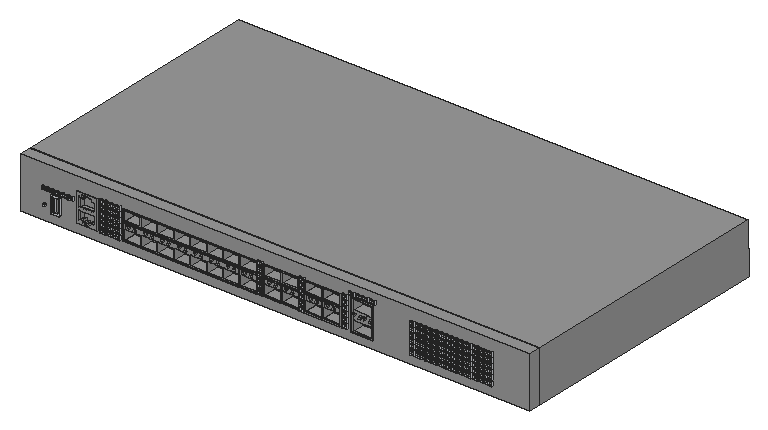
Revit family "19 Inch Switch MS400995M", category Datengeräte, Revit 2023
Family settings
  Bemaßung runder Anschluss = Durchmesser verwenden
  Teiletyp = Normal
  OmniClass-Nummer = 23.85.50.17
  OmniClass-Titel = Communication and Data Processing Equipment
  Arbeitsebenenbasiert = Nein
  Immer vertikal = Ja
  Beim Laden mit Abzugskörper schneiden = Nein
  Beschriftungsausrichtung beibehalten = Nein
  Gemeinsam genutzt = Nein
  Raumberechnungspunkt = Nein
Parameters (values of type "19 Inch Switch MS400995M")
  Vorgabe-Ansicht = 0 mm
  Material 2 = Stahl, lackierte Oberfläche, dunkelgrau, matt
  Material = Edelstahl AISI 304
  Type = "managed switch L3"
  Interface 3 = "4x 10G/25GBase-X SFP28-Slots"
  Voltage Input = "100~240VAC (C14)"
  Hersteller = "MICROSENS"
  Beschreibung = "26-Port 40G Multi 1/10G Fiber L3 Switch 19\""
  Artikelnummer = "MS400995M"
  INterface 4 = "Console port (RJ-45)"
  Interface 2 = "20x 1/10G SFP+ Slots"
  Interface 1 = "2x 40G QSFP+ Slots"
Reference planes
  plane 1 "Mitte (Vorne/Hinten)": y = 232.367
  plane 2: z = 0
  plane 3 "Mitte (Links/Rechts)": x = 6.748
Forms (mm)
  Extrusion 1, solid, material "Stahl, lackierte Oberfläche, dunkelgrau, matt" <- "Material 2"
    sketch origin (-0.016, 368.942, 1.503) x (1, 0, 0) y (0, 0, 1)
      loop
        line (-213.236, 42.498) -> (-213.236, -1.502) -> (226.813, -1.502) -> (226.813, 42.498) -> (-213.236, 42.498)
    from 235.89 to 246.705
  Extrusion 2, solid
    sketch origin (79.576, 273.077, 134.166) x (0, 0, 1) y (-1, 0, 0)
      loop
        line (-126.471, 264.855) -> (-126.471, 259.255)
        arc (-126.471, 259.255) -> (-126.178, 258.548) -> (-125.471, 258.255) r 1
        line (-125.471, 258.255) -> (-112.371, 258.255)
        arc (-112.371, 258.255) -> (-111.663, 258.548) -> (-111.371, 259.255) r 1
        line (-111.371, 259.255) -> (-111.371, 264.855)
        arc (-111.371, 264.855) -> (-111.663, 265.562) -> (-112.371, 265.855) r 1
        line (-112.371, 265.855) -> (-125.471, 265.855)
        arc (-125.471, 265.855) -> (-126.178, 265.562) -> (-126.471, 264.855) r 1
      loop
        line (-125.071, 264.605) -> (-125.071, 259.105) -> (-112.671, 259.105) -> (-112.671, 264.605) -> (-125.071, 264.605)
    from 150.84 to 151.64
  Extrusion 3, solid
    sketch origin (79.576, 273.077, 134.166) x (0, 0, 1) y (-1, 0, 0)
      loop
        line (-124.365, 262.053) -> (-113.348, 262.053) -> (-113.348, 263.837) -> (-124.365, 263.837) -> (-124.365, 262.053)
      loop
        line (-124.121, 263.355) -> (-124.121, 262.305) -> (-113.621, 262.305) -> (-113.621, 263.355) -> (-124.121, 263.355)
    from 150.84 to 151.64
  Extrusion 4, solid
    sketch origin (-21.172, 273.077, -249.866) x (1, 0, 0) y (0, 0, 1)
      loop
        circle (-171.13, 262.402) r 1
    from 150.84 to 151.64
  Extrusion 5, void
    sketch origin (79.576, 273.077, 134.01) x (0, 0, 1) y (-1, 0, 0)
      loop
        line (-125.071, 262.055) -> (-125.071, 259.105) -> (-112.671, 259.105) -> (-112.671, 262.055) -> (-125.071, 262.055)
    from 147.46 to 160.434
  Extrusion 6, solid, material "Stahl, 43-245"
    sketch origin (-2.408, 273.077, 44.001) x (0, -1, 0) y (1, 0, 0)
      loop
        line (140.025, -210.844) -> (140.025, 229.205) -> (-85.512, 229.205) -> (-85.512, -210.844) -> (140.025, -210.844)
    from -44 to 0
  Extrusion 7, solid, material "Edelstahl AISI 304"
    sketch origin (-69.923, 273.077, -238.834) x (1, 0, 0) y (0, 0, 1)
      loop
        line (-93.447, 247.265) -> (-76.371, 247.265) -> (-76.371, 272.055) -> (-93.447, 272.055) -> (-93.447, 247.265)
      loop
        line (-77.991, 258.354) -> (-91.961, 258.331) -> (-91.948, 250.457) -> (-89.103, 250.462) -> (-89.1, 248.684) -> (-86.865, 248.687) -> (-86.863, 247.798) -> (-83.053, 247.805) -> (-83.055, 248.694) -> (-80.642, 248.698) -> (-80.645, 250.476) -> (-77.978, 250.48) -> (-77.991, 258.354)
      loop
        line (-92.032, 260.695) -> (-78.062, 260.695) -> (-78.062, 268.569) -> (-80.729, 268.569) -> (-80.729, 270.347) -> (-83.142, 270.347) -> (-83.142, 271.236) -> (-86.952, 271.236) -> (-86.952, 270.347) -> (-89.365, 270.347) -> (-89.365, 268.569) -> (-92.032, 268.569) -> (-92.032, 260.695)
    from 150.84 to 151.64
  Extrusion 8, solid, material "Edelstahl AISI 304"
    sketch origin (-150.813, 273.077, -234.569) x (1, 0, 0) y (0, 0, 1)
      loop
        line (198.964, 268.012) -> (198.964, 257.612) -> (214.464, 257.612) -> (214.464, 268.012) -> (198.964, 268.012)
      loop
        line (199.41, 267.584) -> (199.41, 257.912) -> (214.027, 257.912) -> (214.027, 267.584) -> (199.41, 267.584)
    from 140.025 to 151.64
  Extrusion 9, void
    sketch origin (156.645, 273.077, -237.22) x (1, 0, 0) y (0, 0, 1)
      loop
        line (-107.793, 261.07) -> (-93.696, 261.07) -> (-93.696, 269.986) -> (-107.793, 269.986) -> (-107.793, 261.07)
    from 140.025 to 160.434
  Extrusion 10, solid, material "Edelstahl AISI 304"
    sketch origin (-166.253, 273.077, -234.569) x (1, 0, 0) y (0, 0, 1)
      loop
        line (198.964, 268.012) -> (198.964, 257.612) -> (214.464, 257.612) -> (214.464, 268.012) -> (198.964, 268.012)
      loop
        line (199.41, 267.584) -> (199.41, 257.912) -> (214.027, 257.912) -> (214.027, 267.584) -> (199.41, 267.584)
    from 140.025 to 151.64
  Extrusion 11, void
    sketch origin (141.205, 273.077, -237.22) x (1, 0, 0) y (0, 0, 1)
      loop
        line (-107.793, 261.07) -> (-93.696, 261.07) -> (-93.696, 269.986) -> (-107.793, 269.986) -> (-107.793, 261.07)
    from 140.025 to 160.434
  Extrusion 12, solid, material "Edelstahl AISI 304"
    sketch origin (-150.709, 273.077, -249.399) x (1, 0, 0) y (0, 0, 1)
      loop
        line (198.964, 272.442) -> (198.964, 257.612) -> (214.464, 257.612) -> (214.464, 272.442) -> (198.964, 272.442)
      loop
        line (199.41, 271.983) -> (199.41, 257.912) -> (214.027, 257.912) -> (214.027, 271.983) -> (199.41, 271.983)
      loop
        line (207.305, 267.926) -> (209.516, 267.926) -> (208.382, 271.042) -> (207.305, 267.926)
      loop
        line (204.516, 271.042) -> (202.305, 271.042) -> (203.439, 267.926) -> (204.516, 271.042)
      loop
        line (192.744, 267.926) -> (194.955, 267.926) -> (193.821, 271.042) -> (192.744, 267.926)
      loop
        line (189.955, 271.042) -> (187.744, 271.042) -> (188.878, 267.926) -> (189.955, 271.042)
      loop
        line (106.929, 267.926) -> (109.141, 267.926) -> (108.006, 271.042) -> (106.929, 267.926)
      loop
        line (104.141, 271.042) -> (101.929, 271.042) -> (103.063, 267.926) -> (104.141, 271.042)
      loop
        line (92.744, 267.926) -> (94.955, 267.926) -> (93.821, 271.042) -> (92.744, 267.926)
      loop
        line (89.955, 271.042) -> (87.744, 271.042) -> (88.878, 267.926) -> (89.955, 271.042)
      loop
        line (78.978, 267.926) -> (81.19, 267.926) -> (80.056, 271.042) -> (78.978, 267.926)
      loop
        line (76.19, 271.042) -> (73.978, 271.042) -> (75.113, 267.926) -> (76.19, 271.042)
      loop
        line (64.627, 267.926) -> (66.839, 267.926) -> (65.705, 271.042) -> (64.627, 267.926)
      loop
        line (61.839, 271.042) -> (59.627, 271.042) -> (60.762, 267.926) -> (61.839, 271.042)
      loop
        line (50.014, 267.926) -> (52.225, 267.926) -> (51.091, 271.042) -> (50.014, 267.926)
      loop
        line (47.225, 271.042) -> (45.014, 271.042) -> (46.148, 267.926) -> (47.225, 271.042)
      loop
        line (35.362, 267.926) -> (37.574, 267.926) -> (36.439, 271.042) -> (35.362, 267.926)
      loop
        line (32.574, 271.042) -> (30.362, 271.042) -> (31.496, 267.926) -> (32.574, 271.042)
    from 140.025 to 151.64
  Extrusion 13, void
    sketch origin (156.749, 273.077, -252.05) x (1, 0, 0) y (0, 0, 1)
      loop
        line (-107.793, 261.07) -> (-93.696, 261.07) -> (-93.696, 269.986) -> (-107.793, 269.986) -> (-107.793, 261.07)
    from 140.025 to 160.434
  Extrusion 14, solid, material "Edelstahl AISI 304"
    sketch origin (-166.193, 273.077, -249.399) x (1, 0, 0) y (0, 0, 1)
      loop
        line (198.964, 272.442) -> (198.964, 257.612) -> (214.464, 257.612) -> (214.464, 272.442) -> (198.964, 272.442)
      loop
        line (199.41, 272.007) -> (199.41, 257.912) -> (214.027, 257.912) -> (214.027, 272.007) -> (199.41, 272.007)
    from 140.025 to 151.64
  Extrusion 15, void
    sketch origin (141.264, 273.077, -252.05) x (1, 0, 0) y (0, 0, 1)
      loop
        line (-107.793, 261.07) -> (-93.696, 261.07) -> (-93.696, 269.986) -> (-107.793, 269.986) -> (-107.793, 261.07)
    from 140.025 to 160.434
  Extrusion 16, void
    sketch origin (-53.981, 273.077, -239.208) x (1, 0, 0) y (0, 0, 1)
      loop
        line (-106.701, 261.203) -> (-94.788, 261.203) -> (-94.788, 268.036) -> (-96.693, 268.036) -> (-96.693, 269.738) -> (-99.221, 269.738) -> (-99.221, 270.576) -> (-102.269, 270.576) -> (-102.269, 269.738) -> (-104.787, 269.738) -> (-104.787, 268.036) -> (-106.701, 268.036) -> (-106.701, 261.203)
    from 147.46 to 160.434
  Extrusion 17, void
    sketch origin (-255.47, 273.077, 280.687) x (-1, 0, 0) y (0, 0, -1)
      loop
        line (-106.701, 261.203) -> (-94.788, 261.203) -> (-94.788, 268.036) -> (-96.693, 268.036) -> (-96.693, 269.738) -> (-99.221, 269.738) -> (-99.221, 270.576) -> (-102.269, 270.576) -> (-102.269, 269.738) -> (-104.787, 269.738) -> (-104.787, 268.036) -> (-106.701, 268.036) -> (-106.701, 261.203)
    from 147.46 to 160.434
  Extrusion 18, solid, material "Edelstahl AISI 304"
    sketch origin (-186.477, 273.077, -234.569) x (1, 0, 0) y (0, 0, 1)
      loop
        line (198.964, 268.012) -> (198.964, 257.612) -> (214.464, 257.612) -> (214.464, 268.012) -> (198.964, 268.012)
      loop
        line (199.41, 267.584) -> (199.41, 257.912) -> (214.027, 257.912) -> (214.027, 267.584) -> (199.41, 267.584)
    from 140.025 to 151.64
  Extrusion 19, void
    sketch origin (120.98, 273.077, -237.22) x (1, 0, 0) y (0, 0, 1)
      loop
        line (-107.793, 261.07) -> (-93.696, 261.07) -> (-93.696, 269.986) -> (-107.793, 269.986) -> (-107.793, 261.07)
    from 140.025 to 160.434
  Extrusion 20, solid, material "Edelstahl AISI 304"
    sketch origin (-201.917, 273.077, -234.569) x (1, 0, 0) y (0, 0, 1)
      loop
        line (198.964, 268.012) -> (198.964, 257.612) -> (214.464, 257.612) -> (214.464, 268.012) -> (198.964, 268.012)
      loop
        line (199.41, 267.584) -> (199.41, 257.912) -> (214.027, 257.912) -> (214.027, 267.584) -> (199.41, 267.584)
    from 140.025 to 151.64
  Extrusion 21, void
    sketch origin (105.54, 273.077, -237.22) x (1, 0, 0) y (0, 0, 1)
      loop
        line (-107.793, 261.07) -> (-93.696, 261.07) -> (-93.696, 269.986) -> (-107.793, 269.986) -> (-107.793, 261.07)
    from 140.025 to 160.434
  Extrusion 22, solid, material "Edelstahl AISI 304"
    sketch origin (-186.373, 273.077, -249.399) x (1, 0, 0) y (0, 0, 1)
      loop
        line (198.964, 272.442) -> (198.964, 257.612) -> (214.464, 257.612) -> (214.464, 272.442) -> (198.964, 272.442)
      loop
        line (199.41, 271.983) -> (199.41, 257.912) -> (214.027, 257.912) -> (214.027, 271.983) -> (199.41, 271.983)
      loop
        line (207.305, 267.926) -> (209.516, 267.926) -> (208.382, 271.042) -> (207.305, 267.926)
      loop
        line (204.516, 271.042) -> (202.305, 271.042) -> (203.439, 267.926) -> (204.516, 271.042)
      loop
        line (192.744, 267.926) -> (194.955, 267.926) -> (193.821, 271.042) -> (192.744, 267.926)
      loop
        line (189.955, 271.042) -> (187.744, 271.042) -> (188.878, 267.926) -> (189.955, 271.042)
    from 140.025 to 151.64
  Extrusion 23, void
    sketch origin (121.084, 273.077, -252.05) x (1, 0, 0) y (0, 0, 1)
      loop
        line (-107.793, 261.07) -> (-93.696, 261.07) -> (-93.696, 269.986) -> (-107.793, 269.986) -> (-107.793, 261.07)
    from 140.025 to 160.434
  Extrusion 24, solid, material "Edelstahl AISI 304"
    sketch origin (-201.858, 273.077, -249.399) x (1, 0, 0) y (0, 0, 1)
      loop
        line (198.964, 272.442) -> (198.964, 257.612) -> (214.464, 257.612) -> (214.464, 272.442) -> (198.964, 272.442)
      loop
        line (199.41, 272.007) -> (199.41, 257.912) -> (214.027, 257.912) -> (214.027, 272.007) -> (199.41, 272.007)
    from 140.025 to 151.64
  Extrusion 25, void
    sketch origin (105.6, 273.077, -252.05) x (1, 0, 0) y (0, 0, 1)
      loop
        line (-107.793, 261.07) -> (-93.696, 261.07) -> (-93.696, 269.986) -> (-107.793, 269.986) -> (-107.793, 261.07)
    from 140.025 to 160.434
  Extrusion 26, solid, material "Edelstahl AISI 304"
    sketch origin (-222.419, 273.077, -234.569) x (1, 0, 0) y (0, 0, 1)
      loop
        line (198.964, 268.012) -> (198.964, 257.612) -> (214.464, 257.612) -> (214.464, 268.012) -> (198.964, 268.012)
      loop
        line (199.41, 267.584) -> (199.41, 257.912) -> (214.027, 257.912) -> (214.027, 267.584) -> (199.41, 267.584)
    from 140.025 to 151.64
  Extrusion 27, void
    sketch origin (85.038, 273.077, -237.22) x (1, 0, 0) y (0, 0, 1)
      loop
        line (-107.793, 261.07) -> (-93.696, 261.07) -> (-93.696, 269.986) -> (-107.793, 269.986) -> (-107.793, 261.07)
    from 140.025 to 160.434
  Extrusion 28, solid, material "Edelstahl AISI 304"
    sketch origin (-237.859, 273.077, -234.569) x (1, 0, 0) y (0, 0, 1)
      loop
        line (113.702, 268.012) -> (113.702, 257.612) -> (214.464, 257.612) -> (214.464, 268.012) -> (113.702, 268.012)
      loop
        line (114.753, 267.584) -> (114.753, 257.912) -> (214.027, 257.912) -> (214.027, 267.584) -> (114.753, 267.584)
    from 140.025 to 151.64
  Extrusion 29, void
    sketch origin (69.598, 273.077, -237.22) x (1, 0, 0) y (0, 0, 1)
      loop
        line (-106.98, 261.07) -> (-93.696, 261.07) -> (-93.696, 269.986) -> (-106.98, 269.986) -> (-106.98, 261.07)
    from 140.025 to 160.434
  Extrusion 30, solid, material "Edelstahl AISI 304"
    sketch origin (-222.315, 273.077, -249.399) x (1, 0, 0) y (0, 0, 1)
      loop
        line (198.964, 272.442) -> (198.964, 257.612) -> (214.464, 257.612) -> (214.464, 272.442) -> (198.964, 272.442)
      loop
        line (199.41, 271.983) -> (199.41, 257.912) -> (214.027, 257.912) -> (214.027, 271.983) -> (199.41, 271.983)
      loop
        line (207.305, 267.926) -> (209.516, 267.926) -> (208.382, 271.042) -> (207.305, 267.926)
      loop
        line (204.516, 271.042) -> (202.305, 271.042) -> (203.439, 267.926) -> (204.516, 271.042)
      loop
        line (192.744, 267.926) -> (194.955, 267.926) -> (193.821, 271.042) -> (192.744, 267.926)
      loop
        line (189.955, 271.042) -> (187.744, 271.042) -> (188.878, 267.926) -> (189.955, 271.042)
      loop
        line (310.65, 268.938) -> (312.862, 268.938) -> (311.728, 272.054) -> (310.65, 268.938)
      loop
        line (307.862, 272.054) -> (305.65, 272.054) -> (306.785, 268.938) -> (307.862, 272.054)
      loop
        line (301.741, 268.952) -> (303.952, 268.952) -> (302.818, 272.068) -> (301.741, 268.952)
      loop
        line (298.952, 272.068) -> (296.741, 272.068) -> (297.875, 268.952) -> (298.952, 272.068)
    from 140.025 to 151.64
  Extrusion 31, void
    sketch origin (85.142, 273.077, -252.05) x (1, 0, 0) y (0, 0, 1)
      loop
        line (-107.793, 261.07) -> (-93.696, 261.07) -> (-93.696, 269.986) -> (-107.793, 269.986) -> (-107.793, 261.07)
    from 140.025 to 160.434
  Extrusion 32, solid, material "Edelstahl AISI 304"
    sketch origin (-237.8, 273.077, -249.399) x (1, 0, 0) y (0, 0, 1)
      loop
        line (113.642, 272.442) -> (113.642, 257.612) -> (214.464, 257.612) -> (214.464, 272.442) -> (113.642, 272.442)
      loop
        line (114.694, 272.007) -> (114.694, 257.912) -> (214.027, 257.912) -> (214.027, 272.007) -> (114.694, 272.007)
    from 140.025 to 151.64
  Extrusion 33, void
    sketch origin (69.658, 273.077, -252.05) x (1, 0, 0) y (0, 0, 1)
      loop
        line (-107.04, 261.07) -> (-93.696, 261.07) -> (-93.696, 269.986) -> (-107.04, 269.986) -> (-107.04, 261.07)
    from 140.025 to 160.434
  Extrusion 34, void
    sketch origin (55.552, 273.077, -237.22) x (1, 0, 0) y (0, 0, 1)
      loop
        line (-106.98, 261.07) -> (-93.696, 261.07) -> (-93.696, 269.986) -> (-106.98, 269.986) -> (-106.98, 261.07)
    from 140.025 to 160.434
  Extrusion 35, void
    sketch origin (55.612, 273.077, -252.05) x (1, 0, 0) y (0, 0, 1)
      loop
        line (-107.04, 261.07) -> (-93.696, 261.07) -> (-93.696, 269.986) -> (-107.04, 269.986) -> (-107.04, 261.07)
    from 140.025 to 160.434
  Extrusion 36, void
    sketch origin (41.39, 273.077, -237.22) x (1, 0, 0) y (0, 0, 1)
      loop
        line (-106.98, 261.07) -> (-93.696, 261.07) -> (-93.696, 269.986) -> (-106.98, 269.986) -> (-106.98, 261.07)
    from 140.025 to 160.434
  Extrusion 37, void
    sketch origin (41.45, 273.077, -252.05) x (1, 0, 0) y (0, 0, 1)
      loop
        line (-107.04, 261.07) -> (-93.696, 261.07) -> (-93.696, 269.986) -> (-107.04, 269.986) -> (-107.04, 261.07)
    from 140.025 to 160.434
  Extrusion 38, void
    sketch origin (27.133, 273.077, -237.22) x (1, 0, 0) y (0, 0, 1)
      loop
        line (-106.98, 261.07) -> (-93.696, 261.07) -> (-93.696, 269.986) -> (-106.98, 269.986) -> (-106.98, 261.07)
    from 140.025 to 160.434
  Extrusion 39, void
    sketch origin (27.192, 273.077, -252.05) x (1, 0, 0) y (0, 0, 1)
      loop
        line (-107.04, 261.07) -> (-93.696, 261.07) -> (-93.696, 269.986) -> (-107.04, 269.986) -> (-107.04, 261.07)
    from 140.025 to 160.434
  Extrusion 40, void
    sketch origin (12.833, 273.077, -237.22) x (1, 0, 0) y (0, 0, 1)
      loop
        line (-106.98, 261.07) -> (-93.696, 261.07) -> (-93.696, 269.986) -> (-106.98, 269.986) -> (-106.98, 261.07)
    from 140.025 to 160.434
  Extrusion 41, void
    sketch origin (12.892, 273.077, -252.05) x (1, 0, 0) y (0, 0, 1)
      loop
        line (-107.04, 261.07) -> (-93.696, 261.07) -> (-93.696, 269.986) -> (-107.04, 269.986) -> (-107.04, 261.07)
    from 140.025 to 160.434
  Extrusion 42, void
    sketch origin (-1.64, 273.077, -237.22) x (1, 0, 0) y (0, 0, 1)
      loop
        line (-106.98, 261.07) -> (-93.696, 261.07) -> (-93.696, 269.986) -> (-106.98, 269.986) -> (-106.98, 261.07)
    from 140.025 to 160.434
  Extrusion 43, void
    sketch origin (-1.581, 273.077, -252.05) x (1, 0, 0) y (0, 0, 1)
      loop
        line (-107.04, 261.07) -> (-93.696, 261.07) -> (-93.696, 269.986) -> (-107.04, 269.986) -> (-107.04, 261.07)
    from 140.025 to 160.434
  Extrusion 44, void
    sketch origin (-15.898, 273.077, -237.22) x (1, 0, 0) y (0, 0, 1)
      loop
        line (-106.98, 261.07) -> (-93.696, 261.07) -> (-93.696, 269.986) -> (-106.98, 269.986) -> (-106.98, 261.07)
    from 140.025 to 160.434
  Extrusion 45, void
    sketch origin (-15.838, 273.077, -252.05) x (1, 0, 0) y (0, 0, 1)
      loop
        line (-107.04, 261.07) -> (-93.696, 261.07) -> (-93.696, 269.986) -> (-107.04, 269.986) -> (-107.04, 261.07)
    from 140.025 to 160.434
  Extrusion 46, solid, material "Edelstahl AISI 304"
    sketch origin (-123.792, 273.077, -232.366) x (1, 0, 0) y (0, 0, 1)
      loop
        line (196.908, 266.826) -> (196.908, 239.341) -> (215.391, 239.341) -> (215.391, 266.826) -> (196.908, 266.826)
      loop
        line (197.809, 266.379) -> (197.809, 239.83) -> (214.64, 239.83) -> (214.64, 266.379) -> (197.809, 266.379)
    from 140.025 to 151.64
  Extrusion 47, void
    sketch origin (183.814, 273.077, -236.705) x (1, 0, 0) y (0, 0, 1)
      loop
        line (-108.858, 261.07) -> (-92.967, 261.07) -> (-92.967, 269.986) -> (-108.858, 269.986) -> (-108.858, 261.07)
    from 140.025 to 160.434
  Extrusion 48, void
    sketch origin (183.665, 273.077, -253.025) x (1, 0, 0) y (0, 0, 1)
      loop
        line (-108.709, 261.07) -> (-92.818, 261.07) -> (-92.818, 269.986) -> (-108.709, 269.986) -> (-108.709, 261.07)
    from 140.025 to 160.434
  Extrusion 49, solid
    sketch origin (0, 273.077, -232.366) x (1, 0, 0) y (0, 0, 1)
      loop
        line (65.586, 266.76) -> (65.586, 263.134) -> (69.459, 263.134) -> (69.459, 266.76) -> (65.586, 266.76)
      loop
        line (65.933, 266.376) -> (65.933, 263.535) -> (68.946, 263.535) -> (68.946, 266.376) -> (65.933, 266.376)
    from 150.84 to 151.64
  Extrusion 50, solid
    sketch origin (0, 273.077, -236.758) x (1, 0, 0) y (0, 0, 1)
      loop
        line (65.586, 266.76) -> (65.586, 263.134) -> (69.459, 263.134) -> (69.459, 266.76) -> (65.586, 266.76)
      loop
        line (65.933, 266.376) -> (65.933, 263.535) -> (68.946, 263.535) -> (68.946, 266.376) -> (65.933, 266.376)
    from 150.84 to 151.64
  Extrusion 51, solid
    sketch origin (0, 273.077, -241.201) x (1, 0, 0) y (0, 0, 1)
      loop
        line (65.586, 266.76) -> (65.586, 263.134) -> (69.459, 263.134) -> (69.459, 266.76) -> (65.586, 266.76)
      loop
        line (65.933, 266.376) -> (65.933, 263.535) -> (68.946, 263.535) -> (68.946, 266.376) -> (65.933, 266.376)
    from 150.84 to 151.64
  Extrusion 52, solid
    sketch origin (0, 273.077, -245.578) x (1, 0, 0) y (0, 0, 1)
      loop
        line (65.586, 266.76) -> (65.586, 263.134) -> (69.459, 263.134) -> (69.459, 266.76) -> (65.586, 266.76)
      loop
        line (65.933, 266.376) -> (65.933, 263.535) -> (68.946, 263.535) -> (68.946, 266.376) -> (65.933, 266.376)
    from 150.84 to 151.64
  Extrusion 53, solid
    sketch origin (0, 273.077, -250.086) x (1, 0, 0) y (0, 0, 1)
      loop
        line (65.586, 266.76) -> (65.586, 263.134) -> (69.459, 263.134) -> (69.459, 266.76) -> (65.586, 266.76)
      loop
        line (65.933, 266.376) -> (65.933, 263.535) -> (68.946, 263.535) -> (68.946, 266.376) -> (65.933, 266.376)
    from 150.84 to 151.64
  Extrusion 54, solid
    sketch origin (0, 273.077, -255.086) x (1, 0, 0) y (0, 0, 1)
      loop
        line (65.586, 266.76) -> (65.586, 263.134) -> (69.459, 263.134) -> (69.459, 266.76) -> (65.586, 266.76)
      loop
        line (65.933, 266.376) -> (65.933, 263.535) -> (68.946, 263.535) -> (68.946, 266.376) -> (65.933, 266.376)
    from 150.84 to 151.64
  Extrusion 55, solid
    sketch origin (58.395, 273.077, -232.671) x (1, 0, 0) y (0, 0, 1)
      loop
        line (65.586, 266.76) -> (65.586, 263.134) -> (69.459, 263.134) -> (69.459, 266.76) -> (65.586, 266.76)
      loop
        line (65.933, 266.376) -> (65.933, 263.535) -> (68.946, 263.535) -> (68.946, 266.376) -> (65.933, 266.376)
    from 150.84 to 151.64
  Extrusion 56, solid
    sketch origin (63.395, 273.077, -232.671) x (1, 0, 0) y (0, 0, 1)
      loop
        line (65.586, 266.76) -> (65.586, 263.134) -> (69.459, 263.134) -> (69.459, 266.76) -> (65.586, 266.76)
      loop
        line (65.933, 266.376) -> (65.933, 263.535) -> (68.946, 263.535) -> (68.946, 266.376) -> (65.933, 266.376)
    from 150.84 to 151.64
  Extrusion 57, solid
    sketch origin (67.616, 273.077, -232.671) x (1, 0, 0) y (0, 0, 1)
      loop
        line (65.586, 266.76) -> (65.586, 263.134) -> (69.459, 263.134) -> (69.459, 266.76) -> (65.586, 266.76)
      loop
        line (65.933, 266.376) -> (65.933, 263.535) -> (68.946, 263.535) -> (68.946, 266.376) -> (65.933, 266.376)
    from 150.84 to 151.64
  Extrusion 58, solid
    sketch origin (71.591, 273.077, -232.671) x (1, 0, 0) y (0, 0, 1)
      loop
        line (65.586, 266.76) -> (65.586, 263.134) -> (69.459, 263.134) -> (69.459, 266.76) -> (65.586, 266.76)
      loop
        line (65.933, 266.376) -> (65.933, 263.535) -> (68.946, 263.535) -> (68.946, 266.376) -> (65.933, 266.376)
    from 150.84 to 151.64
  Extrusion 59, solid
    sketch origin (58.395, 273.077, -236.967) x (1, 0, 0) y (0, 0, 1)
      loop
        line (65.586, 266.76) -> (65.586, 263.134) -> (69.459, 263.134) -> (69.459, 266.76) -> (65.586, 266.76)
      loop
        line (65.933, 266.376) -> (65.933, 263.535) -> (68.946, 263.535) -> (68.946, 266.376) -> (65.933, 266.376)
    from 150.84 to 151.64
  Extrusion 60, solid
    sketch origin (63.395, 273.077, -236.967) x (1, 0, 0) y (0, 0, 1)
      loop
        line (65.586, 266.76) -> (65.586, 263.134) -> (69.459, 263.134) -> (69.459, 266.76) -> (65.586, 266.76)
      loop
        line (65.933, 266.376) -> (65.933, 263.535) -> (68.946, 263.535) -> (68.946, 266.376) -> (65.933, 266.376)
    from 150.84 to 151.64
  Extrusion 61, solid
    sketch origin (67.616, 273.077, -236.967) x (1, 0, 0) y (0, 0, 1)
      loop
        line (65.586, 266.76) -> (65.586, 263.134) -> (69.459, 263.134) -> (69.459, 266.76) -> (65.586, 266.76)
      loop
        line (65.933, 266.376) -> (65.933, 263.535) -> (68.946, 263.535) -> (68.946, 266.376) -> (65.933, 266.376)
    from 150.84 to 151.64
  Extrusion 62, solid
    sketch origin (71.591, 273.077, -236.967) x (1, 0, 0) y (0, 0, 1)
      loop
        line (65.586, 266.76) -> (65.586, 263.134) -> (69.459, 263.134) -> (69.459, 266.76) -> (65.586, 266.76)
      loop
        line (65.933, 266.376) -> (65.933, 263.535) -> (68.946, 263.535) -> (68.946, 266.376) -> (65.933, 266.376)
    from 150.84 to 151.64
  Extrusion 63, solid
    sketch origin (58.395, 273.077, -241.967) x (1, 0, 0) y (0, 0, 1)
      loop
        line (65.586, 266.76) -> (65.586, 263.134) -> (69.459, 263.134) -> (69.459, 266.76) -> (65.586, 266.76)
      loop
        line (65.933, 266.376) -> (65.933, 263.535) -> (68.946, 263.535) -> (68.946, 266.376) -> (65.933, 266.376)
    from 150.84 to 151.64
  Extrusion 64, solid
    sketch origin (63.395, 273.077, -241.967) x (1, 0, 0) y (0, 0, 1)
      loop
        line (65.586, 266.76) -> (65.586, 263.134) -> (69.459, 263.134) -> (69.459, 266.76) -> (65.586, 266.76)
      loop
        line (65.933, 266.376) -> (65.933, 263.535) -> (68.946, 263.535) -> (68.946, 266.376) -> (65.933, 266.376)
    from 150.84 to 151.64
  Extrusion 65, solid
    sketch origin (67.616, 273.077, -241.967) x (1, 0, 0) y (0, 0, 1)
      loop
        line (65.586, 266.76) -> (65.586, 263.134) -> (69.459, 263.134) -> (69.459, 266.76) -> (65.586, 266.76)
      loop
        line (65.933, 266.376) -> (65.933, 263.535) -> (68.946, 263.535) -> (68.946, 266.376) -> (65.933, 266.376)
    from 150.84 to 151.64
  Extrusion 66, solid
    sketch origin (71.591, 273.077, -241.967) x (1, 0, 0) y (0, 0, 1)
      loop
        line (65.586, 266.76) -> (65.586, 263.134) -> (69.459, 263.134) -> (69.459, 266.76) -> (65.586, 266.76)
      loop
        line (65.933, 266.376) -> (65.933, 263.535) -> (68.946, 263.535) -> (68.946, 266.376) -> (65.933, 266.376)
    from 150.84 to 151.64
  Extrusion 67, solid
    sketch origin (58.395, 273.077, -246.109) x (1, 0, 0) y (0, 0, 1)
      loop
        line (65.586, 266.76) -> (65.586, 263.134) -> (69.459, 263.134) -> (69.459, 266.76) -> (65.586, 266.76)
      loop
        line (65.933, 266.376) -> (65.933, 263.535) -> (68.946, 263.535) -> (68.946, 266.376) -> (65.933, 266.376)
    from 150.84 to 151.64
  Extrusion 68, solid
    sketch origin (63.395, 273.077, -246.109) x (1, 0, 0) y (0, 0, 1)
      loop
        line (65.586, 266.76) -> (65.586, 263.134) -> (69.459, 263.134) -> (69.459, 266.76) -> (65.586, 266.76)
      loop
        line (65.933, 266.376) -> (65.933, 263.535) -> (68.946, 263.535) -> (68.946, 266.376) -> (65.933, 266.376)
    from 150.84 to 151.64
  Extrusion 69, solid
    sketch origin (67.616, 273.077, -246.109) x (1, 0, 0) y (0, 0, 1)
      loop
        line (65.586, 266.76) -> (65.586, 263.134) -> (69.459, 263.134) -> (69.459, 266.76) -> (65.586, 266.76)
      loop
        line (65.933, 266.376) -> (65.933, 263.535) -> (68.946, 263.535) -> (68.946, 266.376) -> (65.933, 266.376)
    from 150.84 to 151.64
  Extrusion 70, solid
    sketch origin (71.591, 273.077, -246.109) x (1, 0, 0) y (0, 0, 1)
      loop
        line (65.586, 266.76) -> (65.586, 263.134) -> (69.459, 263.134) -> (69.459, 266.76) -> (65.586, 266.76)
      loop
        line (65.933, 266.376) -> (65.933, 263.535) -> (68.946, 263.535) -> (68.946, 266.376) -> (65.933, 266.376)
    from 150.84 to 151.64
  Extrusion 71, solid
    sketch origin (58.395, 273.077, -250.382) x (1, 0, 0) y (0, 0, 1)
      loop
        line (65.586, 266.76) -> (65.586, 263.134) -> (69.459, 263.134) -> (69.459, 266.76) -> (65.586, 266.76)
      loop
        line (65.933, 266.376) -> (65.933, 263.535) -> (68.946, 263.535) -> (68.946, 266.376) -> (65.933, 266.376)
    from 150.84 to 151.64
  Extrusion 72, solid
    sketch origin (63.395, 273.077, -250.382) x (1, 0, 0) y (0, 0, 1)
      loop
        line (65.586, 266.76) -> (65.586, 263.134) -> (69.459, 263.134) -> (69.459, 266.76) -> (65.586, 266.76)
      loop
        line (65.933, 266.376) -> (65.933, 263.535) -> (68.946, 263.535) -> (68.946, 266.376) -> (65.933, 266.376)
    from 150.84 to 151.64
  Extrusion 73, solid
    sketch origin (67.616, 273.077, -250.382) x (1, 0, 0) y (0, 0, 1)
      loop
        line (65.586, 266.76) -> (65.586, 263.134) -> (69.459, 263.134) -> (69.459, 266.76) -> (65.586, 266.76)
      loop
        line (65.933, 266.376) -> (65.933, 263.535) -> (68.946, 263.535) -> (68.946, 266.376) -> (65.933, 266.376)
    from 150.84 to 151.64
  Extrusion 74, solid
    sketch origin (71.591, 273.077, -250.382) x (1, 0, 0) y (0, 0, 1)
      loop
        line (65.586, 266.76) -> (65.586, 263.134) -> (69.459, 263.134) -> (69.459, 266.76) -> (65.586, 266.76)
      loop
        line (65.933, 266.376) -> (65.933, 263.535) -> (68.946, 263.535) -> (68.946, 266.376) -> (65.933, 266.376)
    from 150.84 to 151.64
  Extrusion 75, solid
    sketch origin (58.395, 273.077, -255.382) x (1, 0, 0) y (0, 0, 1)
      loop
        line (65.586, 266.76) -> (65.586, 263.134) -> (69.459, 263.134) -> (69.459, 266.76) -> (65.586, 266.76)
      loop
        line (65.933, 266.376) -> (65.933, 263.535) -> (68.946, 263.535) -> (68.946, 266.376) -> (65.933, 266.376)
    from 150.84 to 151.64
  Extrusion 76, solid
    sketch origin (63.395, 273.077, -255.382) x (1, 0, 0) y (0, 0, 1)
      loop
        line (65.586, 266.76) -> (65.586, 263.134) -> (69.459, 263.134) -> (69.459, 266.76) -> (65.586, 266.76)
      loop
        line (65.933, 266.376) -> (65.933, 263.535) -> (68.946, 263.535) -> (68.946, 266.376) -> (65.933, 266.376)
    from 150.84 to 151.64
  Extrusion 77, solid
    sketch origin (67.616, 273.077, -255.382) x (1, 0, 0) y (0, 0, 1)
      loop
        line (65.586, 266.76) -> (65.586, 263.134) -> (69.459, 263.134) -> (69.459, 266.76) -> (65.586, 266.76)
      loop
        line (65.933, 266.376) -> (65.933, 263.535) -> (68.946, 263.535) -> (68.946, 266.376) -> (65.933, 266.376)
    from 150.84 to 151.64
  Extrusion 78, solid
    sketch origin (71.591, 273.077, -255.382) x (1, 0, 0) y (0, 0, 1)
      loop
        line (65.586, 266.76) -> (65.586, 263.134) -> (69.459, 263.134) -> (69.459, 266.76) -> (65.586, 266.76)
      loop
        line (65.933, 266.376) -> (65.933, 263.535) -> (68.946, 263.535) -> (68.946, 266.376) -> (65.933, 266.376)
    from 150.84 to 151.64
  Extrusion 79, solid
    sketch origin (76.832, 273.077, -232.671) x (1, 0, 0) y (0, 0, 1)
      loop
        line (65.586, 266.76) -> (65.586, 263.134) -> (69.459, 263.134) -> (69.459, 266.76) -> (65.586, 266.76)
      loop
        line (65.933, 266.376) -> (65.933, 263.535) -> (68.946, 263.535) -> (68.946, 266.376) -> (65.933, 266.376)
    from 150.84 to 151.64
  Extrusion 80, solid
    sketch origin (81.832, 273.077, -232.671) x (1, 0, 0) y (0, 0, 1)
      loop
        line (65.586, 266.76) -> (65.586, 263.134) -> (69.459, 263.134) -> (69.459, 266.76) -> (65.586, 266.76)
      loop
        line (65.933, 266.376) -> (65.933, 263.535) -> (68.946, 263.535) -> (68.946, 266.376) -> (65.933, 266.376)
    from 150.84 to 151.64
  Extrusion 81, solid
    sketch origin (86.054, 273.077, -232.671) x (1, 0, 0) y (0, 0, 1)
      loop
        line (65.586, 266.76) -> (65.586, 263.134) -> (69.459, 263.134) -> (69.459, 266.76) -> (65.586, 266.76)
      loop
        line (65.933, 266.376) -> (65.933, 263.535) -> (68.946, 263.535) -> (68.946, 266.376) -> (65.933, 266.376)
    from 150.84 to 151.64
  Extrusion 82, solid
    sketch origin (90.028, 273.077, -232.671) x (1, 0, 0) y (0, 0, 1)
      loop
        line (65.586, 266.76) -> (65.586, 263.134) -> (69.459, 263.134) -> (69.459, 266.76) -> (65.586, 266.76)
      loop
        line (65.933, 266.376) -> (65.933, 263.535) -> (68.946, 263.535) -> (68.946, 266.376) -> (65.933, 266.376)
    from 150.84 to 151.64
  Extrusion 83, solid
    sketch origin (76.832, 273.077, -236.967) x (1, 0, 0) y (0, 0, 1)
      loop
        line (65.586, 266.76) -> (65.586, 263.134) -> (69.459, 263.134) -> (69.459, 266.76) -> (65.586, 266.76)
      loop
        line (65.933, 266.376) -> (65.933, 263.535) -> (68.946, 263.535) -> (68.946, 266.376) -> (65.933, 266.376)
    from 150.84 to 151.64
  Extrusion 84, solid
    sketch origin (81.832, 273.077, -236.967) x (1, 0, 0) y (0, 0, 1)
      loop
        line (65.586, 266.76) -> (65.586, 263.134) -> (69.459, 263.134) -> (69.459, 266.76) -> (65.586, 266.76)
      loop
        line (65.933, 266.376) -> (65.933, 263.535) -> (68.946, 263.535) -> (68.946, 266.376) -> (65.933, 266.376)
    from 150.84 to 151.64
  Extrusion 85, solid
    sketch origin (86.054, 273.077, -236.967) x (1, 0, 0) y (0, 0, 1)
      loop
        line (65.586, 266.76) -> (65.586, 263.134) -> (69.459, 263.134) -> (69.459, 266.76) -> (65.586, 266.76)
      loop
        line (65.933, 266.376) -> (65.933, 263.535) -> (68.946, 263.535) -> (68.946, 266.376) -> (65.933, 266.376)
    from 150.84 to 151.64
  Extrusion 86, solid
    sketch origin (90.028, 273.077, -236.967) x (1, 0, 0) y (0, 0, 1)
      loop
        line (65.586, 266.76) -> (65.586, 263.134) -> (69.459, 263.134) -> (69.459, 266.76) -> (65.586, 266.76)
      loop
        line (65.933, 266.376) -> (65.933, 263.535) -> (68.946, 263.535) -> (68.946, 266.376) -> (65.933, 266.376)
    from 150.84 to 151.64
  Extrusion 87, solid
    sketch origin (76.832, 273.077, -241.967) x (1, 0, 0) y (0, 0, 1)
      loop
        line (65.586, 266.76) -> (65.586, 263.134) -> (69.459, 263.134) -> (69.459, 266.76) -> (65.586, 266.76)
      loop
        line (65.933, 266.376) -> (65.933, 263.535) -> (68.946, 263.535) -> (68.946, 266.376) -> (65.933, 266.376)
    from 150.84 to 151.64
  Extrusion 88, solid
    sketch origin (81.832, 273.077, -241.967) x (1, 0, 0) y (0, 0, 1)
      loop
        line (65.586, 266.76) -> (65.586, 263.134) -> (69.459, 263.134) -> (69.459, 266.76) -> (65.586, 266.76)
      loop
        line (65.933, 266.376) -> (65.933, 263.535) -> (68.946, 263.535) -> (68.946, 266.376) -> (65.933, 266.376)
    from 150.84 to 151.64
  Extrusion 89, solid
    sketch origin (86.054, 273.077, -241.967) x (1, 0, 0) y (0, 0, 1)
      loop
        line (65.586, 266.76) -> (65.586, 263.134) -> (69.459, 263.134) -> (69.459, 266.76) -> (65.586, 266.76)
      loop
        line (65.933, 266.376) -> (65.933, 263.535) -> (68.946, 263.535) -> (68.946, 266.376) -> (65.933, 266.376)
    from 150.84 to 151.64
  Extrusion 90, solid
    sketch origin (90.028, 273.077, -241.967) x (1, 0, 0) y (0, 0, 1)
      loop
        line (65.586, 266.76) -> (65.586, 263.134) -> (69.459, 263.134) -> (69.459, 266.76) -> (65.586, 266.76)
      loop
        line (65.933, 266.376) -> (65.933, 263.535) -> (68.946, 263.535) -> (68.946, 266.376) -> (65.933, 266.376)
    from 150.84 to 151.64
  Extrusion 91, solid
    sketch origin (76.832, 273.077, -246.109) x (1, 0, 0) y (0, 0, 1)
      loop
        line (65.586, 266.76) -> (65.586, 263.134) -> (69.459, 263.134) -> (69.459, 266.76) -> (65.586, 266.76)
      loop
        line (65.933, 266.376) -> (65.933, 263.535) -> (68.946, 263.535) -> (68.946, 266.376) -> (65.933, 266.376)
    from 150.84 to 151.64
  Extrusion 92, solid
    sketch origin (81.832, 273.077, -246.109) x (1, 0, 0) y (0, 0, 1)
      loop
        line (65.586, 266.76) -> (65.586, 263.134) -> (69.459, 263.134) -> (69.459, 266.76) -> (65.586, 266.76)
      loop
        line (65.933, 266.376) -> (65.933, 263.535) -> (68.946, 263.535) -> (68.946, 266.376) -> (65.933, 266.376)
    from 150.84 to 151.64
  Extrusion 93, solid
    sketch origin (86.054, 273.077, -246.109) x (1, 0, 0) y (0, 0, 1)
      loop
        line (65.586, 266.76) -> (65.586, 263.134) -> (69.459, 263.134) -> (69.459, 266.76) -> (65.586, 266.76)
      loop
        line (65.933, 266.376) -> (65.933, 263.535) -> (68.946, 263.535) -> (68.946, 266.376) -> (65.933, 266.376)
    from 150.84 to 151.64
  Extrusion 94, solid
    sketch origin (90.028, 273.077, -246.109) x (1, 0, 0) y (0, 0, 1)
      loop
        line (65.586, 266.76) -> (65.586, 263.134) -> (69.459, 263.134) -> (69.459, 266.76) -> (65.586, 266.76)
      loop
        line (65.933, 266.376) -> (65.933, 263.535) -> (68.946, 263.535) -> (68.946, 266.376) -> (65.933, 266.376)
    from 150.84 to 151.64
  Extrusion 95, solid
    sketch origin (76.832, 273.077, -250.382) x (1, 0, 0) y (0, 0, 1)
      loop
        line (65.586, 266.76) -> (65.586, 263.134) -> (69.459, 263.134) -> (69.459, 266.76) -> (65.586, 266.76)
      loop
        line (65.933, 266.376) -> (65.933, 263.535) -> (68.946, 263.535) -> (68.946, 266.376) -> (65.933, 266.376)
    from 150.84 to 151.64
  Extrusion 96, solid
    sketch origin (81.832, 273.077, -250.382) x (1, 0, 0) y (0, 0, 1)
      loop
        line (65.586, 266.76) -> (65.586, 263.134) -> (69.459, 263.134) -> (69.459, 266.76) -> (65.586, 266.76)
      loop
        line (65.933, 266.376) -> (65.933, 263.535) -> (68.946, 263.535) -> (68.946, 266.376) -> (65.933, 266.376)
    from 150.84 to 151.64
  Extrusion 97, solid
    sketch origin (86.054, 273.077, -250.382) x (1, 0, 0) y (0, 0, 1)
      loop
        line (65.586, 266.76) -> (65.586, 263.134) -> (69.459, 263.134) -> (69.459, 266.76) -> (65.586, 266.76)
      loop
        line (65.933, 266.376) -> (65.933, 263.535) -> (68.946, 263.535) -> (68.946, 266.376) -> (65.933, 266.376)
    from 150.84 to 151.64
  Extrusion 98, solid
    sketch origin (90.028, 273.077, -250.382) x (1, 0, 0) y (0, 0, 1)
      loop
        line (65.586, 266.76) -> (65.586, 263.134) -> (69.459, 263.134) -> (69.459, 266.76) -> (65.586, 266.76)
      loop
        line (65.933, 266.376) -> (65.933, 263.535) -> (68.946, 263.535) -> (68.946, 266.376) -> (65.933, 266.376)
    from 150.84 to 151.64
  Extrusion 99, solid
    sketch origin (76.832, 273.077, -255.382) x (1, 0, 0) y (0, 0, 1)
      loop
        line (65.586, 266.76) -> (65.586, 263.134) -> (69.459, 263.134) -> (69.459, 266.76) -> (65.586, 266.76)
      loop
        line (65.933, 266.376) -> (65.933, 263.535) -> (68.946, 263.535) -> (68.946, 266.376) -> (65.933, 266.376)
    from 150.84 to 151.64
  Extrusion 100, solid
    sketch origin (81.832, 273.077, -255.382) x (1, 0, 0) y (0, 0, 1)
      loop
        line (65.586, 266.76) -> (65.586, 263.134) -> (69.459, 263.134) -> (69.459, 266.76) -> (65.586, 266.76)
      loop
        line (65.933, 266.376) -> (65.933, 263.535) -> (68.946, 263.535) -> (68.946, 266.376) -> (65.933, 266.376)
    from 150.84 to 151.64
  Extrusion 101, solid
    sketch origin (86.054, 273.077, -255.382) x (1, 0, 0) y (0, 0, 1)
      loop
        line (65.586, 266.76) -> (65.586, 263.134) -> (69.459, 263.134) -> (69.459, 266.76) -> (65.586, 266.76)
      loop
        line (65.933, 266.376) -> (65.933, 263.535) -> (68.946, 263.535) -> (68.946, 266.376) -> (65.933, 266.376)
    from 150.84 to 151.64
  Extrusion 102, solid
    sketch origin (90.028, 273.077, -255.382) x (1, 0, 0) y (0, 0, 1)
      loop
        line (65.586, 266.76) -> (65.586, 263.134) -> (69.459, 263.134) -> (69.459, 266.76) -> (65.586, 266.76)
      loop
        line (65.933, 266.376) -> (65.933, 263.535) -> (68.946, 263.535) -> (68.946, 266.376) -> (65.933, 266.376)
    from 150.84 to 151.64
  Extrusion 103, solid
    sketch origin (94.212, 273.077, -232.671) x (1, 0, 0) y (0, 0, 1)
      loop
        line (65.586, 266.76) -> (65.586, 263.134) -> (69.459, 263.134) -> (69.459, 266.76) -> (65.586, 266.76)
      loop
        line (65.933, 266.376) -> (65.933, 263.535) -> (68.946, 263.535) -> (68.946, 266.376) -> (65.933, 266.376)
    from 150.84 to 151.64
  Extrusion 104, solid
    sketch origin (99.212, 273.077, -232.671) x (1, 0, 0) y (0, 0, 1)
      loop
        line (65.586, 266.76) -> (65.586, 263.134) -> (69.459, 263.134) -> (69.459, 266.76) -> (65.586, 266.76)
      loop
        line (65.933, 266.376) -> (65.933, 263.535) -> (68.946, 263.535) -> (68.946, 266.376) -> (65.933, 266.376)
    from 150.84 to 151.64
  Extrusion 105, solid
    sketch origin (103.433, 273.077, -232.671) x (1, 0, 0) y (0, 0, 1)
      loop
        line (65.586, 266.76) -> (65.586, 263.134) -> (69.459, 263.134) -> (69.459, 266.76) -> (65.586, 266.76)
      loop
        line (65.933, 266.376) -> (65.933, 263.535) -> (68.946, 263.535) -> (68.946, 266.376) -> (65.933, 266.376)
    from 150.84 to 151.64
  Extrusion 106, solid
    sketch origin (107.408, 273.077, -232.671) x (1, 0, 0) y (0, 0, 1)
      loop
        line (65.586, 266.76) -> (65.586, 263.134) -> (69.459, 263.134) -> (69.459, 266.76) -> (65.586, 266.76)
      loop
        line (65.933, 266.376) -> (65.933, 263.535) -> (68.946, 263.535) -> (68.946, 266.376) -> (65.933, 266.376)
    from 150.84 to 151.64
  Extrusion 107, solid
    sketch origin (94.212, 273.077, -236.967) x (1, 0, 0) y (0, 0, 1)
      loop
        line (65.586, 266.76) -> (65.586, 263.134) -> (69.459, 263.134) -> (69.459, 266.76) -> (65.586, 266.76)
      loop
        line (65.933, 266.376) -> (65.933, 263.535) -> (68.946, 263.535) -> (68.946, 266.376) -> (65.933, 266.376)
    from 150.84 to 151.64
  Extrusion 108, solid
    sketch origin (99.212, 273.077, -236.967) x (1, 0, 0) y (0, 0, 1)
      loop
        line (65.586, 266.76) -> (65.586, 263.134) -> (69.459, 263.134) -> (69.459, 266.76) -> (65.586, 266.76)
      loop
        line (65.933, 266.376) -> (65.933, 263.535) -> (68.946, 263.535) -> (68.946, 266.376) -> (65.933, 266.376)
    from 150.84 to 151.64
  Extrusion 109, solid
    sketch origin (103.433, 273.077, -236.967) x (1, 0, 0) y (0, 0, 1)
      loop
        line (65.586, 266.76) -> (65.586, 263.134) -> (69.459, 263.134) -> (69.459, 266.76) -> (65.586, 266.76)
      loop
        line (65.933, 266.376) -> (65.933, 263.535) -> (68.946, 263.535) -> (68.946, 266.376) -> (65.933, 266.376)
    from 150.84 to 151.64
  Extrusion 110, solid
    sketch origin (107.408, 273.077, -236.967) x (1, 0, 0) y (0, 0, 1)
      loop
        line (65.586, 266.76) -> (65.586, 263.134) -> (69.459, 263.134) -> (69.459, 266.76) -> (65.586, 266.76)
      loop
        line (65.933, 266.376) -> (65.933, 263.535) -> (68.946, 263.535) -> (68.946, 266.376) -> (65.933, 266.376)
    from 150.84 to 151.64
  Extrusion 111, solid
    sketch origin (94.212, 273.077, -241.967) x (1, 0, 0) y (0, 0, 1)
      loop
        line (65.586, 266.76) -> (65.586, 263.134) -> (69.459, 263.134) -> (69.459, 266.76) -> (65.586, 266.76)
      loop
        line (65.933, 266.376) -> (65.933, 263.535) -> (68.946, 263.535) -> (68.946, 266.376) -> (65.933, 266.376)
    from 150.84 to 151.64
  Extrusion 112, solid
    sketch origin (99.212, 273.077, -241.967) x (1, 0, 0) y (0, 0, 1)
      loop
        line (65.586, 266.76) -> (65.586, 263.134) -> (69.459, 263.134) -> (69.459, 266.76) -> (65.586, 266.76)
      loop
        line (65.933, 266.376) -> (65.933, 263.535) -> (68.946, 263.535) -> (68.946, 266.376) -> (65.933, 266.376)
    from 150.84 to 151.64
  Extrusion 113, solid
    sketch origin (103.433, 273.077, -241.967) x (1, 0, 0) y (0, 0, 1)
      loop
        line (65.586, 266.76) -> (65.586, 263.134) -> (69.459, 263.134) -> (69.459, 266.76) -> (65.586, 266.76)
      loop
        line (65.933, 266.376) -> (65.933, 263.535) -> (68.946, 263.535) -> (68.946, 266.376) -> (65.933, 266.376)
    from 150.84 to 151.64
  Extrusion 114, solid
    sketch origin (107.408, 273.077, -241.967) x (1, 0, 0) y (0, 0, 1)
      loop
        line (65.586, 266.76) -> (65.586, 263.134) -> (69.459, 263.134) -> (69.459, 266.76) -> (65.586, 266.76)
      loop
        line (65.933, 266.376) -> (65.933, 263.535) -> (68.946, 263.535) -> (68.946, 266.376) -> (65.933, 266.376)
    from 150.84 to 151.64
  Extrusion 115, solid
    sketch origin (94.212, 273.077, -246.109) x (1, 0, 0) y (0, 0, 1)
      loop
        line (65.586, 266.76) -> (65.586, 263.134) -> (69.459, 263.134) -> (69.459, 266.76) -> (65.586, 266.76)
      loop
        line (65.933, 266.376) -> (65.933, 263.535) -> (68.946, 263.535) -> (68.946, 266.376) -> (65.933, 266.376)
    from 150.84 to 151.64
  Extrusion 116, solid
    sketch origin (99.212, 273.077, -246.109) x (1, 0, 0) y (0, 0, 1)
      loop
        line (65.586, 266.76) -> (65.586, 263.134) -> (69.459, 263.134) -> (69.459, 266.76) -> (65.586, 266.76)
      loop
        line (65.933, 266.376) -> (65.933, 263.535) -> (68.946, 263.535) -> (68.946, 266.376) -> (65.933, 266.376)
    from 150.84 to 151.64
  Extrusion 117, solid
    sketch origin (103.433, 273.077, -246.109) x (1, 0, 0) y (0, 0, 1)
      loop
        line (65.586, 266.76) -> (65.586, 263.134) -> (69.459, 263.134) -> (69.459, 266.76) -> (65.586, 266.76)
      loop
        line (65.933, 266.376) -> (65.933, 263.535) -> (68.946, 263.535) -> (68.946, 266.376) -> (65.933, 266.376)
    from 150.84 to 151.64
  Extrusion 118, solid
    sketch origin (107.408, 273.077, -246.109) x (1, 0, 0) y (0, 0, 1)
      loop
        line (65.586, 266.76) -> (65.586, 263.134) -> (69.459, 263.134) -> (69.459, 266.76) -> (65.586, 266.76)
      loop
        line (65.933, 266.376) -> (65.933, 263.535) -> (68.946, 263.535) -> (68.946, 266.376) -> (65.933, 266.376)
    from 150.84 to 151.64
  Extrusion 119, solid
    sketch origin (94.212, 273.077, -250.382) x (1, 0, 0) y (0, 0, 1)
      loop
        line (65.586, 266.76) -> (65.586, 263.134) -> (69.459, 263.134) -> (69.459, 266.76) -> (65.586, 266.76)
      loop
        line (65.933, 266.376) -> (65.933, 263.535) -> (68.946, 263.535) -> (68.946, 266.376) -> (65.933, 266.376)
    from 150.84 to 151.64
  Extrusion 120, solid
    sketch origin (99.212, 273.077, -250.382) x (1, 0, 0) y (0, 0, 1)
      loop
        line (65.586, 266.76) -> (65.586, 263.134) -> (69.459, 263.134) -> (69.459, 266.76) -> (65.586, 266.76)
      loop
        line (65.933, 266.376) -> (65.933, 263.535) -> (68.946, 263.535) -> (68.946, 266.376) -> (65.933, 266.376)
    from 150.84 to 151.64
  Extrusion 121, solid
    sketch origin (103.433, 273.077, -250.382) x (1, 0, 0) y (0, 0, 1)
      loop
        line (65.586, 266.76) -> (65.586, 263.134) -> (69.459, 263.134) -> (69.459, 266.76) -> (65.586, 266.76)
      loop
        line (65.933, 266.376) -> (65.933, 263.535) -> (68.946, 263.535) -> (68.946, 266.376) -> (65.933, 266.376)
    from 150.84 to 151.64
  Extrusion 122, solid
    sketch origin (107.408, 273.077, -250.382) x (1, 0, 0) y (0, 0, 1)
      loop
        line (65.586, 266.76) -> (65.586, 263.134) -> (69.459, 263.134) -> (69.459, 266.76) -> (65.586, 266.76)
      loop
        line (65.933, 266.376) -> (65.933, 263.535) -> (68.946, 263.535) -> (68.946, 266.376) -> (65.933, 266.376)
    from 150.84 to 151.64
  Extrusion 123, solid
    sketch origin (94.212, 273.077, -255.382) x (1, 0, 0) y (0, 0, 1)
      loop
        line (65.586, 266.76) -> (65.586, 263.134) -> (69.459, 263.134) -> (69.459, 266.76) -> (65.586, 266.76)
      loop
        line (65.933, 266.376) -> (65.933, 263.535) -> (68.946, 263.535) -> (68.946, 266.376) -> (65.933, 266.376)
    from 150.84 to 151.64
  Extrusion 124, solid
    sketch origin (99.212, 273.077, -255.382) x (1, 0, 0) y (0, 0, 1)
      loop
        line (65.586, 266.76) -> (65.586, 263.134) -> (69.459, 263.134) -> (69.459, 266.76) -> (65.586, 266.76)
      loop
        line (65.933, 266.376) -> (65.933, 263.535) -> (68.946, 263.535) -> (68.946, 266.376) -> (65.933, 266.376)
    from 150.84 to 151.64
  Extrusion 125, solid
    sketch origin (103.433, 273.077, -255.382) x (1, 0, 0) y (0, 0, 1)
      loop
        line (65.586, 266.76) -> (65.586, 263.134) -> (69.459, 263.134) -> (69.459, 266.76) -> (65.586, 266.76)
      loop
        line (65.933, 266.376) -> (65.933, 263.535) -> (68.946, 263.535) -> (68.946, 266.376) -> (65.933, 266.376)
    from 150.84 to 151.64
  Extrusion 126, solid
    sketch origin (107.408, 273.077, -255.382) x (1, 0, 0) y (0, 0, 1)
      loop
        line (65.586, 266.76) -> (65.586, 263.134) -> (69.459, 263.134) -> (69.459, 266.76) -> (65.586, 266.76)
      loop
        line (65.933, 266.376) -> (65.933, 263.535) -> (68.946, 263.535) -> (68.946, 266.376) -> (65.933, 266.376)
    from 150.84 to 151.64
  Extrusion 127, solid
    sketch origin (112.422, 273.077, -232.671) x (1, 0, 0) y (0, 0, 1)
      loop
        line (65.586, 266.76) -> (65.586, 263.134) -> (69.459, 263.134) -> (69.459, 266.76) -> (65.586, 266.76)
      loop
        line (65.933, 266.376) -> (65.933, 263.535) -> (68.946, 263.535) -> (68.946, 266.376) -> (65.933, 266.376)
    from 150.84 to 151.64
  Extrusion 128, solid
    sketch origin (117.422, 273.077, -232.671) x (1, 0, 0) y (0, 0, 1)
      loop
        line (65.586, 266.76) -> (65.586, 263.134) -> (69.459, 263.134) -> (69.459, 266.76) -> (65.586, 266.76)
      loop
        line (65.933, 266.376) -> (65.933, 263.535) -> (68.946, 263.535) -> (68.946, 266.376) -> (65.933, 266.376)
    from 150.84 to 151.64
  Extrusion 129, solid
    sketch origin (121.644, 273.077, -232.671) x (1, 0, 0) y (0, 0, 1)
      loop
        line (65.586, 266.76) -> (65.586, 263.134) -> (69.459, 263.134) -> (69.459, 266.76) -> (65.586, 266.76)
      loop
        line (65.933, 266.376) -> (65.933, 263.535) -> (68.946, 263.535) -> (68.946, 266.376) -> (65.933, 266.376)
    from 150.84 to 151.64
  Extrusion 130, solid
    sketch origin (125.618, 273.077, -232.671) x (1, 0, 0) y (0, 0, 1)
      loop
        line (65.586, 266.76) -> (65.586, 263.134) -> (69.459, 263.134) -> (69.459, 266.76) -> (65.586, 266.76)
      loop
        line (65.933, 266.376) -> (65.933, 263.535) -> (68.946, 263.535) -> (68.946, 266.376) -> (65.933, 266.376)
    from 150.84 to 151.64
  Extrusion 131, solid
    sketch origin (112.422, 273.077, -236.967) x (1, 0, 0) y (0, 0, 1)
      loop
        line (65.586, 266.76) -> (65.586, 263.134) -> (69.459, 263.134) -> (69.459, 266.76) -> (65.586, 266.76)
      loop
        line (65.933, 266.376) -> (65.933, 263.535) -> (68.946, 263.535) -> (68.946, 266.376) -> (65.933, 266.376)
    from 150.84 to 151.64
  Extrusion 132, solid
    sketch origin (117.422, 273.077, -236.967) x (1, 0, 0) y (0, 0, 1)
      loop
        line (65.586, 266.76) -> (65.586, 263.134) -> (69.459, 263.134) -> (69.459, 266.76) -> (65.586, 266.76)
      loop
        line (65.933, 266.376) -> (65.933, 263.535) -> (68.946, 263.535) -> (68.946, 266.376) -> (65.933, 266.376)
    from 150.84 to 151.64
  Extrusion 133, solid
    sketch origin (121.644, 273.077, -236.967) x (1, 0, 0) y (0, 0, 1)
      loop
        line (65.586, 266.76) -> (65.586, 263.134) -> (69.459, 263.134) -> (69.459, 266.76) -> (65.586, 266.76)
      loop
        line (65.933, 266.376) -> (65.933, 263.535) -> (68.946, 263.535) -> (68.946, 266.376) -> (65.933, 266.376)
    from 150.84 to 151.64
  Extrusion 134, solid
    sketch origin (125.618, 273.077, -236.967) x (1, 0, 0) y (0, 0, 1)
      loop
        line (65.586, 266.76) -> (65.586, 263.134) -> (69.459, 263.134) -> (69.459, 266.76) -> (65.586, 266.76)
      loop
        line (65.933, 266.376) -> (65.933, 263.535) -> (68.946, 263.535) -> (68.946, 266.376) -> (65.933, 266.376)
    from 150.84 to 151.64
  Extrusion 135, solid
    sketch origin (112.422, 273.077, -241.967) x (1, 0, 0) y (0, 0, 1)
      loop
        line (65.586, 266.76) -> (65.586, 263.134) -> (69.459, 263.134) -> (69.459, 266.76) -> (65.586, 266.76)
      loop
        line (65.933, 266.376) -> (65.933, 263.535) -> (68.946, 263.535) -> (68.946, 266.376) -> (65.933, 266.376)
    from 150.84 to 151.64
  Extrusion 136, solid
    sketch origin (117.422, 273.077, -241.967) x (1, 0, 0) y (0, 0, 1)
      loop
        line (65.586, 266.76) -> (65.586, 263.134) -> (69.459, 263.134) -> (69.459, 266.76) -> (65.586, 266.76)
      loop
        line (65.933, 266.376) -> (65.933, 263.535) -> (68.946, 263.535) -> (68.946, 266.376) -> (65.933, 266.376)
    from 150.84 to 151.64
  Extrusion 137, solid
    sketch origin (121.644, 273.077, -241.967) x (1, 0, 0) y (0, 0, 1)
      loop
        line (65.586, 266.76) -> (65.586, 263.134) -> (69.459, 263.134) -> (69.459, 266.76) -> (65.586, 266.76)
      loop
        line (65.933, 266.376) -> (65.933, 263.535) -> (68.946, 263.535) -> (68.946, 266.376) -> (65.933, 266.376)
    from 150.84 to 151.64
  Extrusion 138, solid
    sketch origin (125.618, 273.077, -241.967) x (1, 0, 0) y (0, 0, 1)
      loop
        line (65.586, 266.76) -> (65.586, 263.134) -> (69.459, 263.134) -> (69.459, 266.76) -> (65.586, 266.76)
      loop
        line (65.933, 266.376) -> (65.933, 263.535) -> (68.946, 263.535) -> (68.946, 266.376) -> (65.933, 266.376)
    from 150.84 to 151.64
  Extrusion 139, solid
    sketch origin (112.422, 273.077, -246.109) x (1, 0, 0) y (0, 0, 1)
      loop
        line (65.586, 266.76) -> (65.586, 263.134) -> (69.459, 263.134) -> (69.459, 266.76) -> (65.586, 266.76)
      loop
        line (65.933, 266.376) -> (65.933, 263.535) -> (68.946, 263.535) -> (68.946, 266.376) -> (65.933, 266.376)
    from 150.84 to 151.64
  Extrusion 140, solid
    sketch origin (117.422, 273.077, -246.109) x (1, 0, 0) y (0, 0, 1)
      loop
        line (65.586, 266.76) -> (65.586, 263.134) -> (69.459, 263.134) -> (69.459, 266.76) -> (65.586, 266.76)
      loop
        line (65.933, 266.376) -> (65.933, 263.535) -> (68.946, 263.535) -> (68.946, 266.376) -> (65.933, 266.376)
    from 150.84 to 151.64
  Extrusion 141, solid
    sketch origin (121.644, 273.077, -246.109) x (1, 0, 0) y (0, 0, 1)
      loop
        line (65.586, 266.76) -> (65.586, 263.134) -> (69.459, 263.134) -> (69.459, 266.76) -> (65.586, 266.76)
      loop
        line (65.933, 266.376) -> (65.933, 263.535) -> (68.946, 263.535) -> (68.946, 266.376) -> (65.933, 266.376)
    from 150.84 to 151.64
  Extrusion 142, solid
    sketch origin (125.618, 273.077, -246.109) x (1, 0, 0) y (0, 0, 1)
      loop
        line (65.586, 266.76) -> (65.586, 263.134) -> (69.459, 263.134) -> (69.459, 266.76) -> (65.586, 266.76)
      loop
        line (65.933, 266.376) -> (65.933, 263.535) -> (68.946, 263.535) -> (68.946, 266.376) -> (65.933, 266.376)
    from 150.84 to 151.64
  Extrusion 143, solid
    sketch origin (112.422, 273.077, -250.382) x (1, 0, 0) y (0, 0, 1)
      loop
        line (65.586, 266.76) -> (65.586, 263.134) -> (69.459, 263.134) -> (69.459, 266.76) -> (65.586, 266.76)
      loop
        line (65.933, 266.376) -> (65.933, 263.535) -> (68.946, 263.535) -> (68.946, 266.376) -> (65.933, 266.376)
    from 150.84 to 151.64
  Extrusion 144, solid
    sketch origin (117.422, 273.077, -250.382) x (1, 0, 0) y (0, 0, 1)
      loop
        line (65.586, 266.76) -> (65.586, 263.134) -> (69.459, 263.134) -> (69.459, 266.76) -> (65.586, 266.76)
      loop
        line (65.933, 266.376) -> (65.933, 263.535) -> (68.946, 263.535) -> (68.946, 266.376) -> (65.933, 266.376)
    from 150.84 to 151.64
  Extrusion 145, solid
    sketch origin (121.644, 273.077, -250.382) x (1, 0, 0) y (0, 0, 1)
      loop
        line (65.586, 266.76) -> (65.586, 263.134) -> (69.459, 263.134) -> (69.459, 266.76) -> (65.586, 266.76)
      loop
        line (65.933, 266.376) -> (65.933, 263.535) -> (68.946, 263.535) -> (68.946, 266.376) -> (65.933, 266.376)
    from 150.84 to 151.64
  Extrusion 146, solid
    sketch origin (125.618, 273.077, -250.382) x (1, 0, 0) y (0, 0, 1)
      loop
        line (65.586, 266.76) -> (65.586, 263.134) -> (69.459, 263.134) -> (69.459, 266.76) -> (65.586, 266.76)
      loop
        line (65.933, 266.376) -> (65.933, 263.535) -> (68.946, 263.535) -> (68.946, 266.376) -> (65.933, 266.376)
    from 150.84 to 151.64
  Extrusion 147, solid
    sketch origin (112.422, 273.077, -255.382) x (1, 0, 0) y (0, 0, 1)
      loop
        line (65.586, 266.76) -> (65.586, 263.134) -> (69.459, 263.134) -> (69.459, 266.76) -> (65.586, 266.76)
      loop
        line (65.933, 266.376) -> (65.933, 263.535) -> (68.946, 263.535) -> (68.946, 266.376) -> (65.933, 266.376)
    from 150.84 to 151.64
  Extrusion 148, solid
    sketch origin (117.422, 273.077, -255.382) x (1, 0, 0) y (0, 0, 1)
      loop
        line (65.586, 266.76) -> (65.586, 263.134) -> (69.459, 263.134) -> (69.459, 266.76) -> (65.586, 266.76)
      loop
        line (65.933, 266.376) -> (65.933, 263.535) -> (68.946, 263.535) -> (68.946, 266.376) -> (65.933, 266.376)
    from 150.84 to 151.64
  Extrusion 149, solid
    sketch origin (121.644, 273.077, -255.382) x (1, 0, 0) y (0, 0, 1)
      loop
        line (65.586, 266.76) -> (65.586, 263.134) -> (69.459, 263.134) -> (69.459, 266.76) -> (65.586, 266.76)
      loop
        line (65.933, 266.376) -> (65.933, 263.535) -> (68.946, 263.535) -> (68.946, 266.376) -> (65.933, 266.376)
